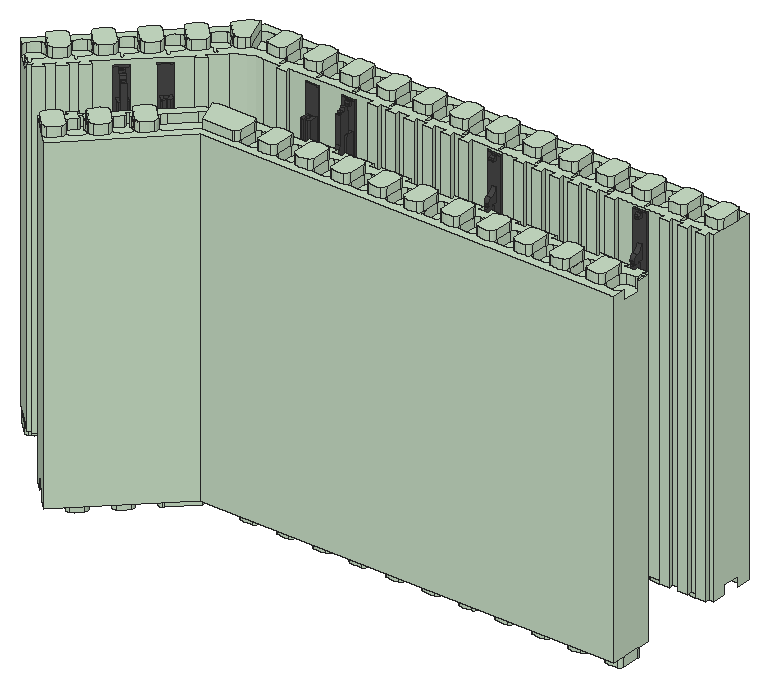
Revit family (continued)
Forms (in)
  Extrusion 48, void
    sketch origin (16.41421, 1, 0) x (-0.707107, -0.707107, 0) y (0.707107, -0.707107, 0)
      loop
        line (-1.62842, 8.55535) -> (-2.27978, 7.90399)
        arc (-2.27978, 7.90399) -> (-2.34995, 7.76615) -> (-2.32559, 7.6134) r 0.25
        arc (-2.32559, 7.6134) -> (-2.18471, 7.40379) -> (-1.99833, 7.23335) r 1.0625
        arc (-1.99833, 7.23335) -> (-1.97244, 7.18765) -> (-1.99053, 7.13835) r 0.0625
        line (-1.99053, 7.13835) -> (-2.14723, 6.98165) -> (-2.02643, 6.86086) -> (-1.78171, 7.10558)
        arc (-1.78171, 7.10558) -> (-1.76253, 7.11866) -> (-1.7399, 7.12384) r 0.0625
        arc (-1.7399, 7.12384) -> (-1.64938, 7.14456) -> (-1.57267, 7.19688) r 0.25
        line (-1.57267, 7.19688) -> (-0.92131, 7.84824)
        arc (-0.92131, 7.84824) -> (-0.85114, 7.98608) -> (-0.87549, 8.13883) r 0.25
        arc (-0.87549, 8.13883) -> (-1.07021, 8.40645) -> (-1.33783, 8.60117) r 1.0625
    from 0 to 0.5
  Extrusion 49, void
    sketch origin (30.81623, -1, 0) x (0.707107, 0.707107, 0) y (-0.707107, 0.707107, 0)
      loop
        arc (-1.33783, 8.60117) -> (-1.49058, 8.62552) -> (-1.62842, 8.55535) r 0.25
        line (-1.62842, 8.55535) -> (-2.27978, 7.90399)
        arc (-2.27978, 7.90399) -> (-2.34995, 7.76615) -> (-2.32559, 7.6134) r 0.25
        arc (-2.32559, 7.6134) -> (-2.18471, 7.40379) -> (-1.99833, 7.23335) r 1.0625
        arc (-1.99833, 7.23335) -> (-1.97244, 7.18765) -> (-1.99053, 7.13835) r 0.0625
        line (-1.99053, 7.13835) -> (-2.14723, 6.98165) -> (-2.02643, 6.86086) -> (-1.78171, 7.10558)
        arc (-1.78171, 7.10558) -> (-1.76253, 7.11866) -> (-1.7399, 7.12384) r 0.0625
        arc (-1.7399, 7.12384) -> (-1.64938, 7.14456) -> (-1.57267, 7.19688) r 0.25
        line (-1.57267, 7.19688) -> (-0.92131, 7.84824)
        arc (-0.92131, 7.84824) -> (-0.85114, 7.98608) -> (-0.87549, 8.13883) r 0.25
        arc (-0.87549, 8.13883) -> (-1.07021, 8.40645) -> (-1.33783, 8.60117) r 1.0625
    from 0 to 0.5
  Extrusion 50, void
    sketch origin (28.81623, -1, 0) x (0.707107, 0.707107, 0) y (-0.707107, 0.707107, 0)
      loop
        arc (-1.33783, 8.60117) -> (-1.49058, 8.62552) -> (-1.62842, 8.55535) r 0.25
        line (-1.62842, 8.55535) -> (-2.27978, 7.90399)
        arc (-2.27978, 7.90399) -> (-2.34995, 7.76615) -> (-2.32559, 7.6134) r 0.25
        arc (-2.32559, 7.6134) -> (-2.18471, 7.40379) -> (-1.99833, 7.23335) r 1.0625
        arc (-1.99833, 7.23335) -> (-1.97244, 7.18765) -> (-1.99053, 7.13835) r 0.0625
        line (-1.99053, 7.13835) -> (-2.14723, 6.98165) -> (-2.02643, 6.86086) -> (-1.78171, 7.10558)
        arc (-1.78171, 7.10558) -> (-1.76253, 7.11866) -> (-1.7399, 7.12384) r 0.0625
        arc (-1.7399, 7.12384) -> (-1.64938, 7.14456) -> (-1.57267, 7.19688) r 0.25
        line (-1.57267, 7.19688) -> (-0.92131, 7.84824)
        arc (-0.92131, 7.84824) -> (-0.85114, 7.98608) -> (-0.87549, 8.13883) r 0.25
        arc (-0.87549, 8.13883) -> (-1.07021, 8.40645) -> (-1.33783, 8.60117) r 1.0625
    from 0 to 0.5
  Extrusion 51, void
    sketch origin (26.81623, -1, 0) x (0.707107, 0.707107, 0) y (-0.707107, 0.707107, 0)
      loop
        arc (-1.33783, 8.60117) -> (-1.49058, 8.62552) -> (-1.62842, 8.55535) r 0.25
        line (-1.62842, 8.55535) -> (-2.27978, 7.90399)
        arc (-2.27978, 7.90399) -> (-2.34995, 7.76615) -> (-2.32559, 7.6134) r 0.25
        arc (-2.32559, 7.6134) -> (-2.18471, 7.40379) -> (-1.99833, 7.23335) r 1.0625
        arc (-1.99833, 7.23335) -> (-1.97244, 7.18765) -> (-1.99053, 7.13835) r 0.0625
        line (-1.99053, 7.13835) -> (-2.14723, 6.98165) -> (-2.02643, 6.86086) -> (-1.78171, 7.10558)
        arc (-1.78171, 7.10558) -> (-1.76253, 7.11866) -> (-1.7399, 7.12384) r 0.0625
        arc (-1.7399, 7.12384) -> (-1.64938, 7.14456) -> (-1.57267, 7.19688) r 0.25
        line (-1.57267, 7.19688) -> (-0.92131, 7.84824)
        arc (-0.92131, 7.84824) -> (-0.85114, 7.98608) -> (-0.87549, 8.13883) r 0.25
        arc (-0.87549, 8.13883) -> (-1.07021, 8.40645) -> (-1.33783, 8.60117) r 1.0625
    from 0 to 0.5
  Extrusion 52, void
    sketch origin (24.81623, -1, 0) x (0.707107, 0.707107, 0) y (-0.707107, 0.707107, 0)
      loop
        arc (-1.33783, 8.60117) -> (-1.49058, 8.62552) -> (-1.62842, 8.55535) r 0.25
        line (-1.62842, 8.55535) -> (-2.27978, 7.90399)
        arc (-2.27978, 7.90399) -> (-2.34995, 7.76615) -> (-2.32559, 7.6134) r 0.25
        arc (-2.32559, 7.6134) -> (-2.18471, 7.40379) -> (-1.99833, 7.23335) r 1.0625
        arc (-1.99833, 7.23335) -> (-1.97244, 7.18765) -> (-1.99053, 7.13835) r 0.0625
        line (-1.99053, 7.13835) -> (-2.14723, 6.98165) -> (-2.02643, 6.86086) -> (-1.78171, 7.10558)
        arc (-1.78171, 7.10558) -> (-1.76253, 7.11866) -> (-1.7399, 7.12384) r 0.0625
        arc (-1.7399, 7.12384) -> (-1.64938, 7.14456) -> (-1.57267, 7.19688) r 0.25
        line (-1.57267, 7.19688) -> (-0.92131, 7.84824)
        arc (-0.92131, 7.84824) -> (-0.85114, 7.98608) -> (-0.87549, 8.13883) r 0.25
        arc (-0.87549, 8.13883) -> (-1.07021, 8.40645) -> (-1.33783, 8.60117) r 1.0625
    from 0 to 0.5
  Extrusion 53, void
    sketch origin (22.81623, -1, 0) x (0.707107, 0.707107, 0) y (-0.707107, 0.707107, 0)
      loop
        arc (-1.33783, 8.60117) -> (-1.49058, 8.62552) -> (-1.62842, 8.55535) r 0.25
        line (-1.62842, 8.55535) -> (-2.27978, 7.90399)
        arc (-2.27978, 7.90399) -> (-2.34995, 7.76615) -> (-2.32559, 7.6134) r 0.25
        arc (-2.32559, 7.6134) -> (-2.18471, 7.40379) -> (-1.99833, 7.23335) r 1.0625
        arc (-1.99833, 7.23335) -> (-1.97244, 7.18765) -> (-1.99053, 7.13835) r 0.0625
        line (-1.99053, 7.13835) -> (-2.14723, 6.98165) -> (-2.02643, 6.86086) -> (-1.78171, 7.10558)
        arc (-1.78171, 7.10558) -> (-1.76253, 7.11866) -> (-1.7399, 7.12384) r 0.0625
        arc (-1.7399, 7.12384) -> (-1.64938, 7.14456) -> (-1.57267, 7.19688) r 0.25
        line (-1.57267, 7.19688) -> (-0.92131, 7.84824)
        arc (-0.92131, 7.84824) -> (-0.85114, 7.98608) -> (-0.87549, 8.13883) r 0.25
        arc (-0.87549, 8.13883) -> (-1.07021, 8.40645) -> (-1.33783, 8.60117) r 1.0625
    from 0 to 0.5
  Extrusion 54, void
    sketch origin (20.81623, -1, 0) x (0.707107, 0.707107, 0) y (-0.707107, 0.707107, 0)
      loop
        arc (-1.33783, 8.60117) -> (-1.49058, 8.62552) -> (-1.62842, 8.55535) r 0.25
        line (-1.62842, 8.55535) -> (-2.27978, 7.90399)
        arc (-2.27978, 7.90399) -> (-2.34995, 7.76615) -> (-2.32559, 7.6134) r 0.25
        arc (-2.32559, 7.6134) -> (-2.18471, 7.40379) -> (-1.99833, 7.23335) r 1.0625
        arc (-1.99833, 7.23335) -> (-1.97244, 7.18765) -> (-1.99053, 7.13835) r 0.0625
        line (-1.99053, 7.13835) -> (-2.14723, 6.98165) -> (-2.02643, 6.86086) -> (-1.78171, 7.10558)
        arc (-1.78171, 7.10558) -> (-1.76253, 7.11866) -> (-1.7399, 7.12384) r 0.0625
        arc (-1.7399, 7.12384) -> (-1.64938, 7.14456) -> (-1.57267, 7.19688) r 0.25
        line (-1.57267, 7.19688) -> (-0.92131, 7.84824)
        arc (-0.92131, 7.84824) -> (-0.85114, 7.98608) -> (-0.87549, 8.13883) r 0.25
        arc (-0.87549, 8.13883) -> (-1.07021, 8.40645) -> (-1.33783, 8.60117) r 1.0625
    from 0 to 0.5
  Extrusion 55, void
    sketch origin (18.81623, -1, 0) x (0.707107, 0.707107, 0) y (-0.707107, 0.707107, 0)
      loop
        arc (-1.33783, 8.60117) -> (-1.49058, 8.62552) -> (-1.62842, 8.55535) r 0.25
        line (-1.62842, 8.55535) -> (-2.27978, 7.90399)
        arc (-2.27978, 7.90399) -> (-2.34995, 7.76615) -> (-2.32559, 7.6134) r 0.25
        arc (-2.32559, 7.6134) -> (-2.18471, 7.40379) -> (-1.99833, 7.23335) r 1.0625
        arc (-1.99833, 7.23335) -> (-1.97244, 7.18765) -> (-1.99053, 7.13835) r 0.0625
        line (-1.99053, 7.13835) -> (-2.14723, 6.98165) -> (-2.02643, 6.86086) -> (-1.78171, 7.10558)
        arc (-1.78171, 7.10558) -> (-1.76253, 7.11866) -> (-1.7399, 7.12384) r 0.0625
        arc (-1.7399, 7.12384) -> (-1.64938, 7.14456) -> (-1.57267, 7.19688) r 0.25
        line (-1.57267, 7.19688) -> (-0.92131, 7.84824)
        arc (-0.92131, 7.84824) -> (-0.85114, 7.98608) -> (-0.87549, 8.13883) r 0.25
        arc (-0.87549, 8.13883) -> (-1.07021, 8.40645) -> (-1.33783, 8.60117) r 1.0625
    from 0 to 0.5
  Extrusion 56, void
    sketch origin (16.81623, -1, 0) x (0.707107, 0.707107, 0) y (-0.707107, 0.707107, 0)
      loop
        arc (-1.33783, 8.60117) -> (-1.49058, 8.62552) -> (-1.62842, 8.55535) r 0.25
        line (-1.62842, 8.55535) -> (-2.27978, 7.90399)
        arc (-2.27978, 7.90399) -> (-2.34995, 7.76615) -> (-2.32559, 7.6134) r 0.25
        arc (-2.32559, 7.6134) -> (-2.18471, 7.40379) -> (-1.99833, 7.23335) r 1.0625
        arc (-1.99833, 7.23335) -> (-1.97244, 7.18765) -> (-1.99053, 7.13835) r 0.0625
        line (-1.99053, 7.13835) -> (-2.14723, 6.98165) -> (-2.02643, 6.86086) -> (-1.78171, 7.10558)
        arc (-1.78171, 7.10558) -> (-1.76253, 7.11866) -> (-1.7399, 7.12384) r 0.0625
        arc (-1.7399, 7.12384) -> (-1.64938, 7.14456) -> (-1.57267, 7.19688) r 0.25
        line (-1.57267, 7.19688) -> (-0.92131, 7.84824)
        arc (-0.92131, 7.84824) -> (-0.85114, 7.98608) -> (-0.87549, 8.13883) r 0.25
        arc (-0.87549, 8.13883) -> (-1.07021, 8.40645) -> (-1.33783, 8.60117) r 1.0625
    from 0 to 0.5
  Extrusion 57, void
    sketch origin (14.81623, -1, 0) x (0.707107, 0.707107, 0) y (-0.707107, 0.707107, 0)
      loop
        arc (-1.33783, 8.60117) -> (-1.49058, 8.62552) -> (-1.62842, 8.55535) r 0.25
        line (-1.62842, 8.55535) -> (-2.27978, 7.90399)
        arc (-2.27978, 7.90399) -> (-2.34995, 7.76615) -> (-2.32559, 7.6134) r 0.25
        arc (-2.32559, 7.6134) -> (-2.18471, 7.40379) -> (-1.99833, 7.23335) r 1.0625
        arc (-1.99833, 7.23335) -> (-1.97244, 7.18765) -> (-1.99053, 7.13835) r 0.0625
        line (-1.99053, 7.13835) -> (-2.14723, 6.98165) -> (-2.02643, 6.86086) -> (-1.78171, 7.10558)
        arc (-1.78171, 7.10558) -> (-1.76253, 7.11866) -> (-1.7399, 7.12384) r 0.0625
        arc (-1.7399, 7.12384) -> (-1.64938, 7.14456) -> (-1.57267, 7.19688) r 0.25
        line (-1.57267, 7.19688) -> (-0.92131, 7.84824)
        arc (-0.92131, 7.84824) -> (-0.85114, 7.98608) -> (-0.87549, 8.13883) r 0.25
        arc (-0.87549, 8.13883) -> (-1.07021, 8.40645) -> (-1.33783, 8.60117) r 1.0625
    from 0 to 0.5
  Extrusion 58, void
    sketch origin (12.81623, -1, 0) x (0.707107, 0.707107, 0) y (-0.707107, 0.707107, 0)
      loop
        arc (-1.33783, 8.60117) -> (-1.49058, 8.62552) -> (-1.62842, 8.55535) r 0.25
        line (-1.62842, 8.55535) -> (-2.27978, 7.90399)
        arc (-2.27978, 7.90399) -> (-2.34995, 7.76615) -> (-2.32559, 7.6134) r 0.25
        arc (-2.32559, 7.6134) -> (-2.18471, 7.40379) -> (-1.99833, 7.23335) r 1.0625
        arc (-1.99833, 7.23335) -> (-1.97244, 7.18765) -> (-1.99053, 7.13835) r 0.0625
        line (-1.99053, 7.13835) -> (-2.14723, 6.98165) -> (-2.02643, 6.86086) -> (-1.78171, 7.10558)
        arc (-1.78171, 7.10558) -> (-1.76253, 7.11866) -> (-1.7399, 7.12384) r 0.0625
        arc (-1.7399, 7.12384) -> (-1.64938, 7.14456) -> (-1.57267, 7.19688) r 0.25
        line (-1.57267, 7.19688) -> (-0.92131, 7.84824)
        arc (-0.92131, 7.84824) -> (-0.85114, 7.98608) -> (-0.87549, 8.13883) r 0.25
        arc (-0.87549, 8.13883) -> (-1.07021, 8.40645) -> (-1.33783, 8.60117) r 1.0625
    from 0 to 0.5
  Extrusion 59, void
    sketch origin (10.81623, -1, 0) x (0.707107, 0.707107, 0) y (-0.707107, 0.707107, 0)
      loop
        arc (-1.33783, 8.60117) -> (-1.49058, 8.62552) -> (-1.62842, 8.55535) r 0.25
        line (-1.62842, 8.55535) -> (-2.27978, 7.90399)
        arc (-2.27978, 7.90399) -> (-2.34995, 7.76615) -> (-2.32559, 7.6134) r 0.25
        arc (-2.32559, 7.6134) -> (-2.18471, 7.40379) -> (-1.99833, 7.23335) r 1.0625
        arc (-1.99833, 7.23335) -> (-1.97244, 7.18765) -> (-1.99053, 7.13835) r 0.0625
        line (-1.99053, 7.13835) -> (-2.14723, 6.98165) -> (-2.02643, 6.86086) -> (-1.78171, 7.10558)
        arc (-1.78171, 7.10558) -> (-1.76253, 7.11866) -> (-1.7399, 7.12384) r 0.0625
        arc (-1.7399, 7.12384) -> (-1.64938, 7.14456) -> (-1.57267, 7.19688) r 0.25
        line (-1.57267, 7.19688) -> (-0.92131, 7.84824)
        arc (-0.92131, 7.84824) -> (-0.85114, 7.98608) -> (-0.87549, 8.13883) r 0.25
        arc (-0.87549, 8.13883) -> (-1.07021, 8.40645) -> (-1.33783, 8.60117) r 1.0625
    from 0 to 0.5
  Extrusion 60, void
    sketch origin (8.81623, -1, 0) x (0.707107, 0.707107, 0) y (-0.707107, 0.707107, 0)
      loop
        arc (-1.33783, 8.60117) -> (-1.49058, 8.62552) -> (-1.62842, 8.55535) r 0.25
        line (-1.62842, 8.55535) -> (-2.27978, 7.90399)
        arc (-2.27978, 7.90399) -> (-2.34995, 7.76615) -> (-2.32559, 7.6134) r 0.25
        arc (-2.32559, 7.6134) -> (-2.18471, 7.40379) -> (-1.99833, 7.23335) r 1.0625
        arc (-1.99833, 7.23335) -> (-1.97244, 7.18765) -> (-1.99053, 7.13835) r 0.0625
        line (-1.99053, 7.13835) -> (-2.14723, 6.98165) -> (-2.02643, 6.86086) -> (-1.78171, 7.10558)
        arc (-1.78171, 7.10558) -> (-1.76253, 7.11866) -> (-1.7399, 7.12384) r 0.0625
        arc (-1.7399, 7.12384) -> (-1.64938, 7.14456) -> (-1.57267, 7.19688) r 0.25
        line (-1.57267, 7.19688) -> (-0.92131, 7.84824)
        arc (-0.92131, 7.84824) -> (-0.85114, 7.98608) -> (-0.87549, 8.13883) r 0.25
        arc (-0.87549, 8.13883) -> (-1.07021, 8.40645) -> (-1.33783, 8.60117) r 1.0625
    from 0 to 0.5
  Extrusion 61, void
    sketch origin (6.81623, -1, 0) x (0.707107, 0.707107, 0) y (-0.707107, 0.707107, 0)
      loop
        arc (-1.33783, 8.60117) -> (-1.49058, 8.62552) -> (-1.62842, 8.55535) r 0.25
        line (-1.62842, 8.55535) -> (-2.27978, 7.90399)
        arc (-2.27978, 7.90399) -> (-2.34995, 7.76615) -> (-2.32559, 7.6134) r 0.25
        arc (-2.32559, 7.6134) -> (-2.18471, 7.40379) -> (-1.99833, 7.23335) r 1.0625
        arc (-1.99833, 7.23335) -> (-1.97244, 7.18765) -> (-1.99053, 7.13835) r 0.0625
        line (-1.99053, 7.13835) -> (-2.14723, 6.98165) -> (-2.02643, 6.86086) -> (-1.78171, 7.10558)
        arc (-1.78171, 7.10558) -> (-1.76253, 7.11866) -> (-1.7399, 7.12384) r 0.0625
        arc (-1.7399, 7.12384) -> (-1.64938, 7.14456) -> (-1.57267, 7.19688) r 0.25
        line (-1.57267, 7.19688) -> (-0.92131, 7.84824)
        arc (-0.92131, 7.84824) -> (-0.85114, 7.98608) -> (-0.87549, 8.13883) r 0.25
        arc (-0.87549, 8.13883) -> (-1.07021, 8.40645) -> (-1.33783, 8.60117) r 1.0625
    from 0 to 0.5
  Extrusion 62, void
    sketch origin (4.65685, 3.24264, 0) x (0, 1, 0) y (-1, 0, 0)
      loop
        arc (-1.33783, 8.60117) -> (-1.49058, 8.62552) -> (-1.62842, 8.55535) r 0.25
        line (-1.62842, 8.55535) -> (-2.27978, 7.90399)
        arc (-2.27978, 7.90399) -> (-2.34995, 7.76615) -> (-2.32559, 7.6134) r 0.25
        arc (-2.32559, 7.6134) -> (-2.18471, 7.40379) -> (-1.99833, 7.23335) r 1.0625
        arc (-1.99833, 7.23335) -> (-1.97244, 7.18765) -> (-1.99053, 7.13835) r 0.0625
        line (-1.99053, 7.13835) -> (-2.14723, 6.98165) -> (-2.02643, 6.86086) -> (-1.78171, 7.10558)
        arc (-1.78171, 7.10558) -> (-1.76253, 7.11866) -> (-1.7399, 7.12384) r 0.0625
        arc (-1.7399, 7.12384) -> (-1.64938, 7.14456) -> (-1.57267, 7.19688) r 0.25
        line (-1.57267, 7.19688) -> (-0.92131, 7.84824)
        arc (-0.92131, 7.84824) -> (-0.85114, 7.98608) -> (-0.87549, 8.13883) r 0.25
        arc (-0.87549, 8.13883) -> (-1.07021, 8.40645) -> (-1.33783, 8.60117) r 1.0625
    from 0 to 0.5
  Extrusion 63, void
    sketch origin (3.24264, 1.82843, 0) x (0, 1, 0) y (-1, 0, 0)
      loop
        arc (-1.33783, 8.60117) -> (-1.49058, 8.62552) -> (-1.62842, 8.55535) r 0.25
        line (-1.62842, 8.55535) -> (-2.27978, 7.90399)
        arc (-2.27978, 7.90399) -> (-2.34995, 7.76615) -> (-2.32559, 7.6134) r 0.25
        arc (-2.32559, 7.6134) -> (-2.18471, 7.40379) -> (-1.99833, 7.23335) r 1.0625
        arc (-1.99833, 7.23335) -> (-1.97244, 7.18765) -> (-1.99053, 7.13835) r 0.0625
        line (-1.99053, 7.13835) -> (-2.14723, 6.98165) -> (-2.02643, 6.86086) -> (-1.78171, 7.10558)
        arc (-1.78171, 7.10558) -> (-1.76253, 7.11866) -> (-1.7399, 7.12384) r 0.0625
        arc (-1.7399, 7.12384) -> (-1.64938, 7.14456) -> (-1.57267, 7.19688) r 0.25
        line (-1.57267, 7.19688) -> (-0.92131, 7.84824)
        arc (-0.92131, 7.84824) -> (-0.85114, 7.98608) -> (-0.87549, 8.13883) r 0.25
        arc (-0.87549, 8.13883) -> (-1.07021, 8.40645) -> (-1.33783, 8.60117) r 1.0625
    from 0 to 0.5
  Extrusion 64, void
    sketch origin (1.82843, 0.41421, 0) x (0, 1, 0) y (-1, 0, 0)
      loop
        arc (-1.33783, 8.60117) -> (-1.49058, 8.62552) -> (-1.62842, 8.55535) r 0.25
        line (-1.62842, 8.55535) -> (-2.27978, 7.90399)
        arc (-2.27978, 7.90399) -> (-2.34995, 7.76615) -> (-2.32559, 7.6134) r 0.25
        arc (-2.32559, 7.6134) -> (-2.18471, 7.40379) -> (-1.99833, 7.23335) r 1.0625
        arc (-1.99833, 7.23335) -> (-1.97244, 7.18765) -> (-1.99053, 7.13835) r 0.0625
        line (-1.99053, 7.13835) -> (-2.14723, 6.98165) -> (-2.02643, 6.86086) -> (-1.78171, 7.10558)
        arc (-1.78171, 7.10558) -> (-1.76253, 7.11866) -> (-1.7399, 7.12384) r 0.0625
        arc (-1.7399, 7.12384) -> (-1.64938, 7.14456) -> (-1.57267, 7.19688) r 0.25
        line (-1.57267, 7.19688) -> (-0.92131, 7.84824)
        arc (-0.92131, 7.84824) -> (-0.85114, 7.98608) -> (-0.87549, 8.13883) r 0.25
        arc (-0.87549, 8.13883) -> (-1.07021, 8.40645) -> (-1.33783, 8.60117) r 1.0625
    from 0 to 0.5
  Extrusion 65, void
    sketch origin (0.41421, -1, 0) x (0, 1, 0) y (-1, 0, 0)
      loop
        arc (-1.33783, 8.60117) -> (-1.49058, 8.62552) -> (-1.62842, 8.55535) r 0.25
        line (-1.62842, 8.55535) -> (-2.27978, 7.90399)
        arc (-2.27978, 7.90399) -> (-2.34995, 7.76615) -> (-2.32559, 7.6134) r 0.25
        arc (-2.32559, 7.6134) -> (-2.18471, 7.40379) -> (-1.99833, 7.23335) r 1.0625
        arc (-1.99833, 7.23335) -> (-1.97244, 7.18765) -> (-1.99053, 7.13835) r 0.0625
        line (-1.99053, 7.13835) -> (-2.14723, 6.98165) -> (-2.02643, 6.86086) -> (-1.78171, 7.10558)
        arc (-1.78171, 7.10558) -> (-1.76253, 7.11866) -> (-1.7399, 7.12384) r 0.0625
        arc (-1.7399, 7.12384) -> (-1.64938, 7.14456) -> (-1.57267, 7.19688) r 0.25
        line (-1.57267, 7.19688) -> (-0.92131, 7.84824)
        arc (-0.92131, 7.84824) -> (-0.85114, 7.98608) -> (-0.87549, 8.13883) r 0.25
        arc (-0.87549, 8.13883) -> (-1.07021, 8.40645) -> (-1.33783, 8.60117) r 1.0625
    from 0 to 0.5
  Extrusion 66, void
    sketch origin (-24.48428, -23.75048, 0) x (1, 0, 0) y (0, 1, 0)
      loop
        arc (24.18183, 19.64734) -> (24.07398, 19.52115) -> (23.98711, 19.37972) r 1.0625
        arc (23.98711, 19.37972) -> (23.96275, 19.22697) -> (24.03293, 19.08913) r 0.25
        line (24.03293, 19.08913) -> (24.68429, 18.43777)
        arc (24.68429, 18.43777) -> (24.82213, 18.3676) -> (24.97487, 18.39195) r 0.25
        arc (24.97487, 18.39195) -> (25.00448, 18.40769) -> (25.03358, 18.42435) r 1.0625
        line (25.03358, 18.42435) -> (26.20515, 19.59592) -> (25.64674, 20.94404)
        arc (25.64674, 20.94404) -> (25.3766, 20.79965) -> (25.13983, 20.60533) r 1.5625
        line (25.13983, 20.60533) -> (24.18183, 19.64734)
    from 18 to 17.5
  Extrusion 67, void
    sketch origin (34.10712, 0.51887, 0) x (-0.707107, -0.707107, 0) y (0.707107, -0.707107, 0)
      loop
        line (24.18183, -19.64734) -> (25.13983, -20.60533)
        arc (25.13983, -20.60533) -> (25.3766, -20.79965) -> (25.64674, -20.94404) r 1.5625
        line (25.64674, -20.94404) -> (26.20515, -19.59592) -> (25.03358, -18.42435)
        arc (25.03358, -18.42435) -> (25.00448, -18.40769) -> (24.97487, -18.39195) r 1.0625
        arc (24.97487, -18.39195) -> (24.82213, -18.3676) -> (24.68429, -18.43777) r 0.25
        line (24.68429, -18.43777) -> (24.03293, -19.08913)
        arc (24.03293, -19.08913) -> (23.96275, -19.22697) -> (23.98711, -19.37972) r 0.25
        arc (23.98711, -19.37972) -> (24.07398, -19.52115) -> (24.18183, -19.64734) r 1.0625
    from 0 to 0.5
  Extrusion 68, solid, material "NUDURA Expanded Polystyrene Foam Insulation"
    sketch origin (-24.48428, -23.75048, 0) x (1, 0, 0) y (0, 1, 0)
      loop
        arc (27.86201, 19.59592) -> (27.89436, 19.60471) -> (27.92642, 19.61453) r 1.0625
        arc (27.92642, 19.61453) -> (28.05165, 19.70531) -> (28.0995, 19.8524) r 0.25
        line (28.0995, 19.8524) -> (28.0995, 20.77356)
        arc (28.0995, 20.77356) -> (28.05165, 20.92065) -> (27.92642, 21.01143) r 0.25
        arc (27.92642, 21.01143) -> (27.76498, 21.05001) -> (27.5995, 21.06298) r 1.0625
        line (27.5995, 21.06298) -> (26.24468, 21.06298)
        arc (26.24468, 21.06298) -> (25.93985, 21.03296) -> (25.64674, 20.94404) r 1.5625
        line (25.64674, 20.94404) -> (26.20515, 19.59592) -> (27.86201, 19.59592)
    from 18 to 18.5
  Extrusion 69, solid, material "NUDURA Expanded Polystyrene Foam Insulation"
    sketch origin (34.10712, 0.51887, 0) x (-0.707107, -0.707107, 0) y (0.707107, -0.707107, 0)
      loop
        line (27.86201, -19.59592) -> (26.20515, -19.59592) -> (25.64674, -20.94404)
        arc (25.64674, -20.94404) -> (25.93985, -21.03296) -> (26.24468, -21.06298) r 1.5625
        line (26.24468, -21.06298) -> (27.5995, -21.06298)
        arc (27.5995, -21.06298) -> (27.76498, -21.05001) -> (27.92642, -21.01143) r 1.0625
        arc (27.92642, -21.01143) -> (28.05165, -20.92065) -> (28.0995, -20.77356) r 0.25
        line (28.0995, -20.77356) -> (28.0995, -19.8524)
        arc (28.0995, -19.8524) -> (28.05165, -19.70531) -> (27.92642, -19.61453) r 0.25
        arc (27.92642, -19.61453) -> (27.89436, -19.60471) -> (27.86201, -19.59592) r 1.0625
    from 0 to -0.5
Cuts and joins
  Extrusion 4, Extrusion 5, Extrusion 6, Extrusion 7, Extrusion 8, Extrusion 9, Extrusion 10, Extrusion 11, Extrusion 12, Extrusion 13, Extrusion 14, Extrusion 15, Extrusion 16, Extrusion 17, Extrusion 18, Extrusion 19, Extrusion 20, Extrusion 21, Extrusion 22, Extrusion 23, Extrusion 24, Extrusion 25, Extrusion 26, Extrusion 27, Extrusion 28, Extrusion 29, Extrusion 30, Extrusion 31, Extrusion 32, Extrusion 33, Extrusion 34, Extrusion 35, Extrusion 36, Extrusion 37, Extrusion 38, Extrusion 39, Extrusion 40, Extrusion 41, Extrusion 42, Extrusion 43, Extrusion 44, Extrusion 45, Extrusion 46, Extrusion 47, Extrusion 48, Extrusion 49, Extrusion 50, Extrusion 51, Extrusion 52, Extrusion 53, Extrusion 54, Extrusion 55, Extrusion 56, Extrusion 57, Extrusion 58, Extrusion 59, Extrusion 60, Extrusion 61, Extrusion 62, Extrusion 63, Extrusion 64, Extrusion 65, Extrusion 66, Extrusion 67 cuts Extrusion 1
  Extrusion 33, Extrusion 34 cuts Extrusion 2
  Extrusion 35, Extrusion 61, Extrusion 62 cuts Extrusion 3
Lines and regions (in)
  model lines
    curve 1: line (8.62138, 4.625, 18) -> (8.62138, 4.625, 0)
    curve 2: line (6.62138, 4.625, 18) -> (6.62138, 4.625, 0)
    curve 3: line (-7.94804, -1.4073, 0) -> (-7.94804, -1.4073, 18)
Dimensions and locks (in)
  locked: plane 5 to plane 4 at 4
  locked: plane 8 to plane 6 at 4
  locked: level to plane 9 at 18
  aligned and locked: plane 9 to Extrusion 1
  aligned and locked: Extrusion 1 to plane 9  (x3)
  aligned and locked: Extrusion 1 to level
  aligned and locked: plane 2 to level
  aligned and locked: level to Extrusion 1  (x2)
  aligned and locked: nested 67 to cut or joined group 1 (Extrusion 1, Extrusion 4, Extrusion 5, Extrusion 6, Extrusion 7, Extrusion 8, Extrusion 9, Extrusion 10, Extrusion 11, Extrusion 12, Extrusion 13, Extrusion 14, Extrusion 15, Extrusion 16, Extrusion 17, Extrusion 18, Extrusion 19, Extrusion 20, Extrusion 21, Extrusion 22, Extrusion 23, Extrusion 24, Extrusion 25, Extrusion 26, Extrusion 27, Extrusion 28, Extrusion 29, Extrusion 30, Extrusion 31, Extrusion 32, Extrusion 33, Extrusion 34, Extrusion 35, Extrusion 36, Extrusion 37, Extrusion 38, Extrusion 39, Extrusion 40, Extrusion 41, Extrusion 42, Extrusion 43, Extrusion 44, Extrusion 45, Extrusion 46, Extrusion 47, Extrusion 48, Extrusion 49, Extrusion 50, Extrusion 51, Extrusion 52, Extrusion 53, Extrusion 54, Extrusion 55, Extrusion 56, Extrusion 57, Extrusion 58, Extrusion 59, Extrusion 60, Extrusion 61, Extrusion 62, Extrusion 63, Extrusion 64, Extrusion 65, Extrusion 66, Extrusion 67)
  aligned and locked: cut or joined group 1 to nested 72
  aligned and locked: cut or joined group 1 to nested 73
  aligned and locked: cut or joined group 1 to nested 74
  aligned and locked: nested 75 to cut or joined group 1
  aligned and locked: nested 76 to cut or joined group 1
Nested families (in)
  nested 1: "Interlock Tooth" at (22.61522, 1, 0), type "Interlock Tooth"
  nested 2: "Interlock Tooth" at (20.61522, 1, 0), type "Interlock Tooth"
  nested 3: "Interlock Tooth" at (18.61522, 1, 0), type "Interlock Tooth"
  nested 4: "Interlock Tooth" at (16.61522, 1, 0), type "Interlock Tooth"
  nested 5: "Interlock Tooth" at (14.61522, 1, 0), type "Interlock Tooth"
  nested 6: "Interlock Tooth" at (12.61522, 1, 0), type "Interlock Tooth"
  nested 7: "Interlock Tooth" at (10.61522, 1, 0), type "Interlock Tooth"
  nested 8: "Interlock Tooth" at (8.61522, 1, 0), type "Interlock Tooth"
  nested 9: "Interlock Tooth" at (6.61522, 1, 0), type "Interlock Tooth"
  nested 10: "Interlock Tooth" at (4.61522, 1, 0), type "Interlock Tooth"
  nested 11: "Interlock Tooth" at (-3.97056, -2.55635, 0) x (0.7071, 0.7071, 0) z (0, 0, 1), type "Interlock Tooth"
  nested 12: "Interlock Tooth" at (-5.38478, -3.97056, 0) x (0.7071, 0.7071, 0) z (0, 0, 1), type "Interlock Tooth"
  nested 13: "Interlock Tooth" at (-6.79899, -5.38478, 0) x (0.7071, 0.7071, 0) z (0, 0, 1), type "Interlock Tooth"
  nested 14: "Interlock Tooth" at (23.61522, -1, 0), type "Interlock Tooth"
  nested 15: "Interlock Tooth" at (21.61522, -1, 0), type "Interlock Tooth"
  nested 16: "Interlock Tooth" at (19.61522, -1, 0), type "Interlock Tooth"
  nested 17: "Interlock Tooth" at (17.61522, -1, 0), type "Interlock Tooth"
  nested 18: "Interlock Tooth" at (15.61522, -1, 0), type "Interlock Tooth"
  nested 19: "Interlock Tooth" at (13.61522, -1, 0), type "Interlock Tooth"
  nested 20: "Interlock Tooth" at (11.61522, -1, 0), type "Interlock Tooth"
  nested 21: "Interlock Tooth" at (9.61522, -1, 0), type "Interlock Tooth"
  nested 22: "Interlock Tooth" at (7.61522, -1, 0), type "Interlock Tooth"
  nested 23: "Interlock Tooth" at (5.61522, -1, 0), type "Interlock Tooth"
  nested 24: "Interlock Tooth" at (3.61522, -1, 0), type "Interlock Tooth"
  nested 25: "Interlock Tooth" at (1.61522, -1, 0), type "Interlock Tooth"
  nested 26: "Interlock Tooth" at (-0.38478, -1, 0), type "Interlock Tooth"
  nested 27: "Interlock Tooth" at (-0.43503, -1.84924, 0) x (0.7071, 0.7071, 0) z (0, 0, 1), type "Interlock Tooth"
  nested 28: "Interlock Tooth" at (-1.84924, -3.26346, 0) x (0.7071, 0.7071, 0) z (0, 0, 1), type "Interlock Tooth"
  nested 29: "Interlock Tooth" at (-3.26346, -4.67767, 0) x (0.7071, 0.7071, 0) z (0, 0, 1), type "Interlock Tooth"
  nested 30: "Interlock Tooth" at (-4.67767, -6.09188, 0) x (0.7071, 0.7071, 0) z (0, 0, 1), type "Interlock Tooth"
  nested 31: "Interlock Tooth" at (-6.09188, -4.67767, -18.5) x (0.7071, 0.7071, 0) z (0, 0, 1), type "Interlock Tooth"
  nested 32: "Interlock Tooth" at (-4.67767, -3.26346, -18.5) x (0.7071, 0.7071, 0) z (0, 0, 1), type "Interlock Tooth"
  nested 33: "Interlock Tooth" at (-11.66035, -0.52342, -18.5) x (0.7071, 0.7071, 0) z (0, 0, 1), type "Interlock Tooth"
  nested 34: "Interlock Tooth" at (-10.24614, 0.8908, -18.5) x (0.7071, 0.7071, 0) z (0, 0, 1), type "Interlock Tooth"
  nested 35: "Interlock Tooth" at (-8.83192, 2.30501, -18.5) x (0.7071, 0.7071, 0) z (0, 0, 1), type "Interlock Tooth"
  nested 36: "Interlock Tooth" at (-7.41771, 3.71922, -18.5) x (0.7071, 0.7071, 0) z (0, 0, 1), type "Interlock Tooth"
  nested 37: "Interlock Tooth" at (-6.00349, 5.13344, -18.5) x (0.7071, 0.7071, 0) z (0, 0, 1), type "Interlock Tooth"
  nested 38: "Interlock Tooth" at (1.61522, -1, -18.5) x (-1, 0, 0) z (0, 0, 1), type "Interlock Tooth"
  nested 39: "Interlock Tooth" at (3.61522, -1, -18.5) x (-1, 0, 0) z (0, 0, 1), type "Interlock Tooth"
  nested 40: "Interlock Tooth" at (5.61522, -1, -18.5) x (-1, 0, 0) z (0, 0, 1), type "Interlock Tooth"
  nested 41: "Interlock Tooth" at (7.61522, -1, -18.5) x (-1, 0, 0) z (0, 0, 1), type "Interlock Tooth"
  nested 42: "Interlock Tooth" at (9.61522, -1, -18.5) x (-1, 0, 0) z (0, 0, 1), type "Interlock Tooth"
  nested 43: "Interlock Tooth" at (11.61522, -1, -18.5) x (-1, 0, 0) z (0, 0, 1), type "Interlock Tooth"
  nested 44: "Interlock Tooth" at (13.61522, -1, -18.5) x (-1, 0, 0) z (0, 0, 1), type "Interlock Tooth"
  nested 45: "Interlock Tooth" at (15.61522, -1, -18.5) x (-1, 0, 0) z (0, 0, 1), type "Interlock Tooth"
  nested 46: "Interlock Tooth" at (17.61522, -1, -18.5) x (-1, 0, 0) z (0, 0, 1), type "Interlock Tooth"
  nested 47: "Interlock Tooth" at (19.61522, -1, -18.5) x (-1, 0, 0) z (0, 0, 1), type "Interlock Tooth"
  nested 48: "Interlock Tooth" at (21.61522, -1, -18.5) x (-1, 0, 0) z (0, 0, 1), type "Interlock Tooth"
  nested 49: "Interlock Tooth" at (23.61522, -1, -18.5) x (-1, 0, 0) z (0, 0, 1), type "Interlock Tooth"
  nested 50: "Interlock Tooth" at (24.61522, 1, -18.5) x (-1, 0, 0) z (0, 0, 1), type "Interlock Tooth"
  nested 51: "Interlock Tooth" at (22.61522, 1, -18.5) x (-1, 0, 0) z (0, 0, 1), type "Interlock Tooth"
  nested 52: "Interlock Tooth" at (20.61522, 1, -18.5) x (-1, 0, 0) z (0, 0, 1), type "Interlock Tooth"
  nested 53: "Interlock Tooth" at (18.61522, 1, -18.5) x (-1, 0, 0) z (0, 0, 1), type "Interlock Tooth"
  nested 54: "Interlock Tooth" at (16.61522, 1, -18.5) x (-1, 0, 0) z (0, 0, 1), type "Interlock Tooth"
  nested 55: "Interlock Tooth" at (14.61522, 1, -18.5) x (-1, 0, 0) z (0, 0, 1), type "Interlock Tooth"
  nested 56: "Interlock Tooth" at (12.61522, 1, -18.5) x (-1, 0, 0) z (0, 0, 1), type "Interlock Tooth"
  nested 57: "Interlock Tooth" at (10.61522, 1, -18.5) x (-1, 0, 0) z (0, 0, 1), type "Interlock Tooth"
  nested 58: "Interlock Tooth" at (8.61522, 1, -18.5) x (-1, 0, 0) z (0, 0, 1), type "Interlock Tooth"
  nested 59: "Interlock Tooth" at (6.61522, 1, -18.5) x (-1, 0, 0) z (0, 0, 1), type "Interlock Tooth"
  nested 60: "Interlock Tooth" at (4.61522, 1, -18.5) x (-1, 0, 0) z (0, 0, 1), type "Interlock Tooth"
  nested 61: "Capture Lugs" at (2.61522, -1, 0) x (-1, 0, 0) z (0, 0, 1), type "Capture Lugs"
  nested 62: "Capture Lugs" at (-1.14214, -2.55635, 0) x (-0.7071, -0.7071, 0) z (0, 0, 1), type "Capture Lugs"
  nested 63: "NUDURA Diamond Pattern" at (16.62138, 1, 0), type "NUDURA Diamond Pattern"
  nested 64: "NUDURA Diamond Pattern" at (0.62138, 1, 0), type "NUDURA Diamond Pattern"
  nested 65: "NUDURA Diamond Pattern" at (16.62138, -1, 0), type "NUDURA Diamond Pattern"
  nested 66: "NUDURA Diamond Pattern" at (8.62138, -1, 0), type "NUDURA Diamond Pattern"
  nested 67: "NUDURA Logo Diamond" at (0.20973, -4.625, 0), type "NUDURA Logo Diamond"
  nested 68: "4-inch Web" at (20.61522, 0, 0), type "4-inch Web"
  nested 69: "4-inch Web" at (12.61522, 0, 0), type "4-inch Web"
  nested 70: "4-inch Insert Web" at (4.61522, 0, 0), type "4-inch Insert Web"
  nested 71: "4-inch Insert Web" at (-3.19302, -3.19302, 0) x (0.7071, 0.7071, 0) z (0, 0, 1), type "4-inch Insert Web"
  nested 72: "NUDURA Diamond Pattern" at (6.81282, -7.68287, 0) x (-0.7071, -0.7071, 0) z (0, 0, 1), type "NUDURA Diamond Pattern"
  nested 73: "NUDURA Diamond Pattern Missing Two Lines" at (-1.38478, 10.25, 0), type "NUDURA Diamond Pattern minus Two lines"
  nested 74: "NUDURA Logo Diamond with No Outside Lines" at (16.64688, 4.625, 0) x (-1, 0, 0) z (0, 0, 1), type "NUDURA Logo Diamond with No Outside Lines"
  nested 75: "NUDURA Logo Diamond with No Outside Lines" at (1.94964, 8.49038, 0) x (-0.7071, -0.7071, 0) z (0, 0, 1), type "NUDURA Logo Diamond with No Outside Lines"
  nested 76: "NUDURA Diamond Pattern Missing Two Lines" at (1.6461, 0.23189, 0) x (-0.7071, -0.7071, 0) z (0, 0, 1), type "NUDURA Diamond Pattern minus Two lines"
Definition of nested family "Interlock Tooth"
  Reference planes (in)
    plane 1 "Center (Front/Back)": y = 0
    plane 2: z = 0
    plane 3 "Center (Left/Right)": x = 0
    plane 4: z = 18
    plane 5: z = 18.5
    plane 6: z = -0.5
  Forms (in)
    Extrusion 1, solid, material "NUDURA Expanded Polystyrene Foam Insulation"
      sketch origin (0, -8.875, 0) x (1, 0, 0) y (0, 1, 0)
        loop
          arc (0, 3.97692) -> (0.04785, 3.82983) -> (0.17308, 3.73905) r 0.25
          arc (0.17308, 3.73905) -> (0.5, 3.6875) -> (0.82692, 3.73905) r 1.0625
          arc (0.82692, 3.73905) -> (0.95215, 3.82983) -> (1, 3.97692) r 0.25
          line (1, 3.97692) -> (1, 4.89808)
          arc (1, 4.89808) -> (0.95215, 5.04517) -> (0.82692, 5.13595) r 0.25
          arc (0.82692, 5.13595) -> (0.5, 5.1875) -> (0.17308, 5.13595) r 1.0625
          arc (0.17308, 5.13595) -> (0.04785, 5.04517) -> (0, 4.89808) r 0.25
          line (0, 4.89808) -> (0, 3.97692)
      from 18 to 18.5
  Dimensions and locks (in)
    locked: plane 4 to level at 18
    locked: plane 4 to plane 5 at 0.5
    locked: plane 6 to level at 0.5
Definition of nested family "Capture Lugs"
  Reference planes (in)
    plane 1 "Center (Front/Back)": y = 0
    plane 2: z = 0
    plane 3 "Center (Left/Right)": x = 0
  Forms (in)
    Extrusion 1, solid, material "High Density Polystyrene"
      sketch origin (0, 0, 0) x (0, 1, 0) y (0, 0, 1)
        loop
          arc (-3.25, 0) -> (-3.22112, 0.01975) -> (-3.21, 0.05292) r 0.055
          line (-3.21, 0.05292) -> (-3.21, 17.69292)
          arc (-3.21, 17.69292) -> (-3.22112, 17.72608) -> (-3.25, 17.74583) r 0.055
          line (-3.25, 17.74583) -> (-3.25, 0)
      from 0.36328 to -0.36328
    Extrusion 2, solid, material "High Density Polystyrene"
      sketch origin (0, 0, 0) x (0, 1, 0) y (0, 0, 1)
        loop
          line (-3.21, 16.17792) -> (-3.21, 14.97792) -> (-2.71, 14.97792) -> (-2.71, 16.17792) -> (-3.21, 16.17792)
        loop
          line (-3.21, 14.22792) -> (-3.21, 13.02792) -> (-2.71, 13.02792) -> (-2.71, 14.22792) -> (-3.21, 14.22792)
        loop
          line (-3.21, 12.27792) -> (-3.21, 11.07792) -> (-2.71, 11.07792) -> (-2.71, 12.27792) -> (-3.21, 12.27792)
        loop
          line (-3.21, 10.32792) -> (-3.21, 9.24792) -> (-2.71, 9.24792) -> (-2.71, 10.32792) -> (-3.21, 10.32792)
        loop
          line (-3.21, 8.49792) -> (-3.21, 7.41792) -> (-2.71, 7.41792) -> (-2.71, 8.49792) -> (-3.21, 8.49792)
        loop
          line (-3.21, 6.66792) -> (-3.21, 5.46792) -> (-2.71, 5.46792) -> (-2.71, 6.66792) -> (-3.21, 6.66792)
        loop
          line (-3.21, 4.71792) -> (-3.21, 3.51792) -> (-2.71, 3.51792) -> (-2.71, 4.71792) -> (-3.21, 4.71792)
        loop
          line (-3.21, 2.76792) -> (-3.21, 1.56792) -> (-2.71, 1.56792) -> (-2.71, 2.76792) -> (-3.21, 2.76792)
      from 0.25 to -0.25
    Extrusion 3, void
      sketch origin (0, 0, 0) x (1, 0, 0) y (0, 1, 0)
        loop
          arc (-0.25, -2.79249) -> (-0.22584, -2.73416) -> (-0.1675, -2.71) r 0.0825
          line (-0.1675, -2.71) -> (-0.25, -2.71) -> (-0.25, -2.79249)
      from 0 to 18
    Extrusion 4, void
      sketch origin (0, 0, 0) x (-1, 0, 0) y (0, -1, 0)
        loop
          line (-0.25, 2.79249) -> (-0.25, 2.71) -> (-0.1675, 2.71)
          arc (-0.1675, 2.71) -> (-0.22584, 2.73416) -> (-0.25, 2.79249) r 0.0825
      from 0 to 18
    Extrusion 5, void
      sketch origin (0, 0, 0) x (1, 0, 0) y (0, 1, 0)
        loop
          arc (-0.04687, -2.835) -> (0, -3.07587) -> (0.04688, -2.835) r 0.125
          line (0.04688, -2.835) -> (0.04688, -2.71) -> (-0.04687, -2.71) -> (-0.04687, -2.835)
      from 0 to 18
  Cuts and joins
    Extrusion 3, Extrusion 4 cuts Extrusion 1
    Extrusion 3, Extrusion 4, Extrusion 5 cuts Extrusion 2
Definition of nested family "4-inch Web"
  Reference planes (in)
    plane 1 "Center (Front/Back)": y = 0
    plane 2: z = 0
    plane 3 "Center (Left/Right)": x = 0
  Forms (in)
    Extrusion 1, solid, material "Polypropylene"
      sketch origin (0, -2, -0.5) x (0, 1, 0) y (0, 0, 1)
        loop
          arc (4.185, 0.98503) -> (4.17874, 0.9705) -> (4.16389, 0.96506) r 0.02
          line (4.16389, 0.96506) -> (4.00611, 0.97383)
          arc (4.00611, 0.97383) -> (3.99126, 0.96839) -> (3.985, 0.95386) r 0.02
          line (3.985, 0.95386) -> (3.985, 0.88265)
          arc (3.985, 0.88265) -> (3.98914, 0.86744) -> (4.00043, 0.85643) r 0.03
          line (4.00043, 0.85643) -> (4.16957, 0.76246)
          arc (4.16957, 0.76246) -> (4.18086, 0.75145) -> (4.185, 0.73624) r 0.03
          line (4.185, 0.73624) -> (4.185, 0.98503)
        loop
          line (-0.185, 0.98503) -> (-0.185, 0.73624)
          arc (-0.185, 0.73624) -> (-0.18086, 0.75145) -> (-0.16957, 0.76246) r 0.03
          line (-0.16957, 0.76246) -> (-0.00043, 0.85643)
          arc (-0.00043, 0.85643) -> (0.01086, 0.86744) -> (0.015, 0.88265) r 0.03
          line (0.015, 0.88265) -> (0.015, 0.95386)
          arc (0.015, 0.95386) -> (0.00874, 0.96839) -> (-0.00611, 0.97383) r 0.02
          line (-0.00611, 0.97383) -> (-0.16389, 0.96506)
          arc (-0.16389, 0.96506) -> (-0.17874, 0.9705) -> (-0.185, 0.98503) r 0.02
        loop
          line (3.995, 15.39617) -> (3.995, 15.89614) -> (3.89, 15.89614) -> (3.89, 15.96617) -> (4.15332, 15.96617)
          arc (4.15332, 15.96617) -> (4.16974, 15.96398) -> (4.185, 15.95755) r 0.0625
          line (4.185, 15.95755) -> (4.185, 16.73277)
          arc (4.185, 16.73277) -> (4.07682, 16.48647) -> (3.85666, 16.33188) r 0.5
          arc (3.85666, 16.33188) -> (3.73587, 16.24051) -> (3.69, 16.09617) r 0.25
          line (3.69, 16.09617) -> (3.69, 16.02867)
          arc (3.69, 16.02867) -> (3.7083, 15.98448) -> (3.7525, 15.96617) r 0.0625
          line (3.7525, 15.96617) -> (3.8, 15.96617) -> (3.8, 15.89614) -> (3.69446, 15.89614)
          arc (3.69446, 15.89614) -> (3.49353, 15.90523) -> (3.29847, 15.95435) r 1
          arc (3.29847, 15.95435) -> (3.20889, 15.93583) -> (3.18179, 15.84845) r 0.09
          arc (3.18179, 15.84845) -> (2.74446, 15.50749) -> (2.77171, 16.06136) r 0.305
          arc (2.77171, 16.06136) -> (2.89426, 16.34734) -> (2.60829, 16.46988) r 0.22
          arc (2.60829, 16.46988) -> (2.36995, 16.31647) -> (2.20617, 16.08513) r 0.745
          arc (2.20617, 16.08513) -> (2.12274, 15.98757) -> (2, 15.94992) r 0.23
          arc (2, 15.94992) -> (1.87726, 15.98757) -> (1.79383, 16.08513) r 0.23
          arc (1.79383, 16.08513) -> (1.63005, 16.31647) -> (1.39171, 16.46988) r 0.745
          arc (1.39171, 16.46988) -> (1.10574, 16.34734) -> (1.22829, 16.06136) r 0.22
          arc (1.22829, 16.06136) -> (1.25554, 15.50749) -> (0.81821, 15.84845) r 0.305
          arc (0.81821, 15.84845) -> (0.79111, 15.93583) -> (0.70153, 15.95435) r 0.09
          arc (0.70153, 15.95435) -> (0.50647, 15.90523) -> (0.30554, 15.89614) r 1
          line (0.30554, 15.89614) -> (0.2, 15.89614) -> (0.2, 15.96617) -> (0.2475, 15.96617)
          arc (0.2475, 15.96617) -> (0.2917, 15.98448) -> (0.31, 16.02867) r 0.0625
          line (0.31, 16.02867) -> (0.31, 16.09617)
          arc (0.31, 16.09617) -> (0.26413, 16.24051) -> (0.14334, 16.33188) r 0.25
          arc (0.14334, 16.33188) -> (-0.07682, 16.48647) -> (-0.185, 16.73277) r 0.5
          line (-0.185, 16.73277) -> (-0.185, 15.95755)
          arc (-0.185, 15.95755) -> (-0.16974, 15.96398) -> (-0.15332, 15.96617) r 0.0625
          line (-0.15332, 15.96617) -> (0.11, 15.96617) -> (0.11, 15.89614) -> (0.005, 15.89614) -> (0.005, 15.39617) -> (0.11, 15.39617) -> (0.11, 15.32617) -> (-0.1225, 15.32617)
          arc (-0.1225, 15.32617) -> (-0.16669, 15.34448) -> (-0.185, 15.38867) r 0.0625
          line (-0.185, 15.38867) -> (-0.185, 14.60367)
          arc (-0.185, 14.60367) -> (-0.16669, 14.64787) -> (-0.1225, 14.66617) r 0.0625
          line (-0.1225, 14.66617) -> (0.11, 14.66617) -> (0.11, 14.59617) -> (0.005, 14.59617) -> (0.005, 14.09617) -> (0.11, 14.09617) -> (0.11, 14.02617) -> (-0.1225, 14.02617)
          arc (-0.1225, 14.02617) -> (-0.16669, 14.04448) -> (-0.185, 14.08867) r 0.0625
          line (-0.185, 14.08867) -> (-0.185, 13.30367)
          arc (-0.185, 13.30367) -> (-0.16669, 13.34787) -> (-0.1225, 13.36617) r 0.0625
          line (-0.1225, 13.36617) -> (0.11, 13.36617) -> (0.11, 13.29617) -> (0.005, 13.29617) -> (0.005, 12.7962) -> (0.11, 12.7962) -> (0.11, 12.72617) -> (-0.1225, 12.72617)
          arc (-0.1225, 12.72617) -> (-0.16669, 12.74448) -> (-0.185, 12.78867) r 0.0625
          line (-0.185, 12.78867) -> (-0.185, 12.18907) -> (-0.09, 12.18907)
          arc (-0.09, 12.18907) -> (0.01399, 12.29203) -> (0.14334, 12.36047) r 0.5
          arc (0.14334, 12.36047) -> (0.26413, 12.45184) -> (0.31, 12.59617) r 0.25
          line (0.31, 12.59617) -> (0.31, 12.66367)
          arc (0.31, 12.66367) -> (0.2917, 12.70787) -> (0.2475, 12.72617) r 0.0625
          line (0.2475, 12.72617) -> (0.2, 12.72617) -> (0.2, 12.7962) -> (0.30554, 12.7962)
          arc (0.30554, 12.7962) -> (0.50647, 12.78711) -> (0.70153, 12.73799) r 1
          arc (0.70153, 12.73799) -> (0.79111, 12.75651) -> (0.81821, 12.84389) r 0.09
          arc (0.81821, 12.84389) -> (1.25554, 13.18486) -> (1.22829, 12.63098) r 0.305
          arc (1.22829, 12.63098) -> (1.10574, 12.34501) -> (1.39171, 12.22246) r 0.22
          arc (1.39171, 12.22246) -> (1.63005, 12.37588) -> (1.79383, 12.60721) r 0.745
          arc (1.79383, 12.60721) -> (1.87726, 12.70478) -> (2, 12.74242) r 0.23
          arc (2, 12.74242) -> (2.12274, 12.70478) -> (2.20617, 12.60721) r 0.23
          arc (2.20617, 12.60721) -> (2.36995, 12.37588) -> (2.60829, 12.22246) r 0.745
          arc (2.60829, 12.22246) -> (2.89426, 12.34501) -> (2.77171, 12.63098) r 0.22
          arc (2.77171, 12.63098) -> (2.74446, 13.18486) -> (3.18179, 12.84389) r 0.305
          arc (3.18179, 12.84389) -> (3.20889, 12.75651) -> (3.29847, 12.73799) r 0.09
          arc (3.29847, 12.73799) -> (3.49353, 12.78711) -> (3.69446, 12.7962) r 1
          line (3.69446, 12.7962) -> (3.8, 12.7962) -> (3.8, 12.72617) -> (3.7525, 12.72617)
          arc (3.7525, 12.72617) -> (3.7083, 12.70787) -> (3.69, 12.66367) r 0.0625
          line (3.69, 12.66367) -> (3.69, 12.59617)
          arc (3.69, 12.59617) -> (3.73587, 12.45184) -> (3.85666, 12.36047) r 0.25
          arc (3.85666, 12.36047) -> (3.98601, 12.29203) -> (4.09, 12.18907) r 0.5
          line (4.09, 12.18907) -> (4.185, 12.18907) -> (4.185, 12.78867)
          arc (4.185, 12.78867) -> (4.16669, 12.74448) -> (4.1225, 12.72617) r 0.0625
          line (4.1225, 12.72617) -> (3.89, 12.72617) -> (3.89, 12.7962) -> (3.995, 12.7962) -> (3.995, 13.29617) -> (3.89, 13.29617) -> (3.89, 13.36617) -> (4.1225, 13.36617)
          arc (4.1225, 13.36617) -> (4.16669, 13.34787) -> (4.185, 13.30367) r 0.0625
          line (4.185, 13.30367) -> (4.185, 14.08867)
          arc (4.185, 14.08867) -> (4.16669, 14.04448) -> (4.1225, 14.02617) r 0.0625
          line (4.1225, 14.02617) -> (3.89, 14.02617) -> (3.89, 14.09617) -> (3.995, 14.09617) -> (3.995, 14.59617) -> (3.89, 14.59617) -> (3.89, 14.66617) -> (4.1225, 14.66617)
          arc (4.1225, 14.66617) -> (4.16669, 14.64787) -> (4.185, 14.60367) r 0.0625
          line (4.185, 14.60367) -> (4.185, 15.38867)
          arc (4.185, 15.38867) -> (4.16669, 15.34448) -> (4.1225, 15.32617) r 0.0625
          line (4.1225, 15.32617) -> (3.89, 15.32617) -> (3.89, 15.39617) -> (3.995, 15.39617)
        loop
          line (3.695, 14.59617) -> (3.8, 14.59617) -> (3.8, 14.66617) -> (3.7525, 14.66617)
          arc (3.7525, 14.66617) -> (3.7083, 14.68448) -> (3.69, 14.72867) r 0.0625
          line (3.69, 14.72867) -> (3.69, 15.26367)
          arc (3.69, 15.26367) -> (3.7083, 15.30787) -> (3.7525, 15.32617) r 0.0625
          line (3.7525, 15.32617) -> (3.8, 15.32617) -> (3.8, 15.39617) -> (3.695, 15.39617)
          arc (3.695, 15.39617) -> (3.23819, 15.2911) -> (2.8018, 15.12004) r 3.1806
          line (2.8018, 15.12004) -> (2.30584, 14.87186)
          arc (2.30584, 14.87186) -> (2.18493, 14.61329) -> (2.40877, 14.43617) r 0.23
          line (2.40877, 14.43617) -> (2.98527, 14.43617)
          arc (2.98527, 14.43617) -> (3.29477, 14.47236) -> (3.59139, 14.56784) r 1.6
          arc (3.59139, 14.56784) -> (3.64143, 14.58847) -> (3.695, 14.59617) r 0.21872
        loop
          line (3.695, 13.29617) -> (3.8, 13.29617) -> (3.8, 13.36617) -> (3.7525, 13.36617)
          arc (3.7525, 13.36617) -> (3.7083, 13.38448) -> (3.69, 13.42867) r 0.0625
          line (3.69, 13.42867) -> (3.69, 13.96367)
          arc (3.69, 13.96367) -> (3.7083, 14.00787) -> (3.7525, 14.02617) r 0.0625
          line (3.7525, 14.02617) -> (3.8, 14.02617) -> (3.8, 14.09617) -> (3.695, 14.09617)
          arc (3.695, 14.09617) -> (3.64143, 14.10388) -> (3.59139, 14.1245) r 0.21872
          arc (3.59139, 14.1245) -> (3.29477, 14.21999) -> (2.98527, 14.25617) r 1.6
          line (2.98527, 14.25617) -> (2.40877, 14.25617)
          arc (2.40877, 14.25617) -> (2.18493, 14.07905) -> (2.30584, 13.82049) r 0.23
          line (2.30584, 13.82049) -> (2.8018, 13.57231)
          arc (2.8018, 13.57231) -> (3.23819, 13.40124) -> (3.695, 13.29617) r 3.1806
        loop
          line (4.185, 18.01497) -> (4.185, 18.26376)
          arc (4.185, 18.26376) -> (4.18086, 18.24855) -> (4.16957, 18.23754) r 0.03
          line (4.16957, 18.23754) -> (4.00043, 18.14357)
          arc (4.00043, 18.14357) -> (3.98914, 18.13256) -> (3.985, 18.11735) r 0.03
          line (3.985, 18.11735) -> (3.985, 18.04614)
          arc (3.985, 18.04614) -> (3.99126, 18.03161) -> (4.00611, 18.02617) r 0.02
          line (4.00611, 18.02617) -> (4.16389, 18.03494)
          arc (4.16389, 18.03494) -> (4.17874, 18.0295) -> (4.185, 18.01497) r 0.02
        loop
          arc (-0.185, 18.01497) -> (-0.17874, 18.0295) -> (-0.16389, 18.03494) r 0.02
          line (-0.16389, 18.03494) -> (-0.00611, 18.02617)
          arc (-0.00611, 18.02617) -> (0.00874, 18.03161) -> (0.015, 18.04614) r 0.02
          line (0.015, 18.04614) -> (0.015, 18.11735)
          arc (0.015, 18.11735) -> (0.01086, 18.13256) -> (-0.00043, 18.14357) r 0.03
          line (-0.00043, 18.14357) -> (-0.16957, 18.23754)
          arc (-0.16957, 18.23754) -> (-0.18086, 18.24855) -> (-0.185, 18.26376) r 0.03
          line (-0.185, 18.26376) -> (-0.185, 18.01497)
        loop
          arc (0.305, 14.59617) -> (0.35857, 14.58847) -> (0.40861, 14.56784) r 0.21872
          arc (0.40861, 14.56784) -> (0.70523, 14.47236) -> (1.01473, 14.43617) r 1.6
          line (1.01473, 14.43617) -> (1.59123, 14.43617)
          arc (1.59123, 14.43617) -> (1.81507, 14.61329) -> (1.69416, 14.87186) r 0.23
          line (1.69416, 14.87186) -> (1.1982, 15.12004)
          arc (1.1982, 15.12004) -> (0.76181, 15.2911) -> (0.305, 15.39617) r 3.1806
          line (0.305, 15.39617) -> (0.2, 15.39617) -> (0.2, 15.32617) -> (0.2475, 15.32617)
          arc (0.2475, 15.32617) -> (0.2917, 15.30787) -> (0.31, 15.26367) r 0.0625
          line (0.31, 15.26367) -> (0.31, 14.72867)
          arc (0.31, 14.72867) -> (0.2917, 14.68448) -> (0.2475, 14.66617) r 0.0625
          line (0.2475, 14.66617) -> (0.2, 14.66617) -> (0.2, 14.59617) -> (0.305, 14.59617)
        loop
          arc (0.305, 13.29617) -> (0.76181, 13.40124) -> (1.1982, 13.57231) r 3.1806
          line (1.1982, 13.57231) -> (1.69416, 13.82049)
          arc (1.69416, 13.82049) -> (1.81507, 14.07905) -> (1.59123, 14.25617) r 0.23
          line (1.59123, 14.25617) -> (1.01473, 14.25617)
          arc (1.01473, 14.25617) -> (0.70523, 14.21999) -> (0.40861, 14.1245) r 1.6
          arc (0.40861, 14.1245) -> (0.35857, 14.10388) -> (0.305, 14.09617) r 0.21872
          line (0.305, 14.09617) -> (0.2, 14.09617) -> (0.2, 14.02617) -> (0.2475, 14.02617)
          arc (0.2475, 14.02617) -> (0.2917, 14.00787) -> (0.31, 13.96367) r 0.0625
          line (0.31, 13.96367) -> (0.31, 13.42867)
          arc (0.31, 13.42867) -> (0.2917, 13.38448) -> (0.2475, 13.36617) r 0.0625
          line (0.2475, 13.36617) -> (0.2, 13.36617) -> (0.2, 13.29617) -> (0.305, 13.29617)
        loop
          line (3.995, 3.60383) -> (3.89, 3.60383) -> (3.89, 3.67383) -> (4.1225, 3.67383)
          arc (4.1225, 3.67383) -> (4.16669, 3.65552) -> (4.185, 3.61133) r 0.0625
          line (4.185, 3.61133) -> (4.185, 4.39633)
          arc (4.185, 4.39633) -> (4.16669, 4.35213) -> (4.1225, 4.33383) r 0.0625
          line (4.1225, 4.33383) -> (3.89, 4.33383) -> (3.89, 4.40383) -> (3.995, 4.40383) -> (3.995, 4.90383) -> (3.89, 4.90383) -> (3.89, 4.97383) -> (4.1225, 4.97383)
